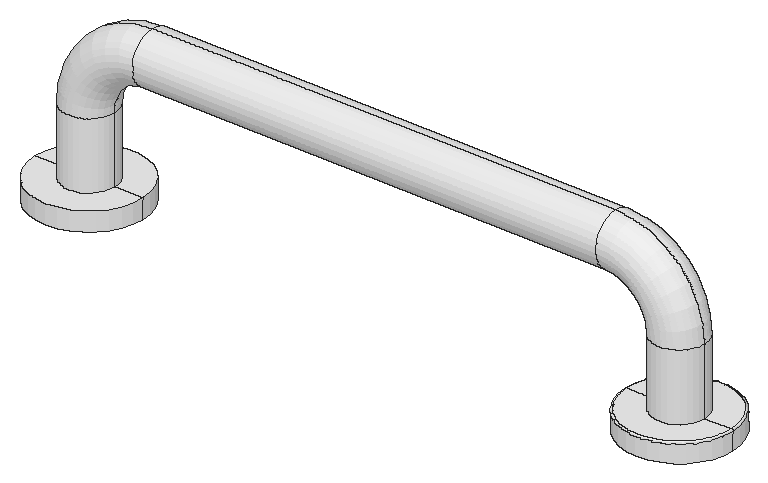
Revit family "Towel_Bar-DXV-Percy-D357033XX_Series", category Specialty Equipment, host Face, Revit 2014
Parameters (values of type "D35703312.100")
  Width = 11 5/8"
  Warranty Documentation Link = "https://www.dxv.com/-/media/files/dxv/warranty/dxv_warranty_booklet.ashx"
  URL = "http://www.dxv.com/"
  Type Comments = ""
  Revised Date = "12/17/2018"  # constant formula
  Product Page URL = "https://www.dxv.com/product/12-inch-grab-bar"
  Product Documentation Link = "https://dxv01.blob.core.windows.net/dxv-product-pdf-files/spec_D357033_DXV_grab_bar_EN.pdf"
  Price = "Prices may vary. Please consult Manufacturer Representative for most up-to-date price list."  # constant formula
  Model = "D35703312.100"
  Material = "Brass-DXV-100-Polished Chrome"
  Manufacturer = "DXV"  # constant formula
  Length = 3 7/16"
  Installation Type = "Surface Mounted"  # constant formula
  Height = 2 1/4"
  Finish = Brass-DXV-100-Polished Chrome
  Description = "12\" Grab Bar"
  Default Elevation = 40"
  Base Radius = Base Dia. / 2  # 1 1/16"
  Base Dia. = 2 1/8"
  Assembly Code = "C1030200"
Types (4): name | Width | Product Page URL | Model | Length | Description | Base Radius | Base Dia.
  (no name) | 11 5/8" | "https://www.dxv.com/product/12-inch-grab-bar" | "D35703312.100" | 3 7/16" | "12\" Grab Bar" | 1 1/16" | 2 1/8"
  D35703312.100 | 11 5/8" | "https://www.dxv.com/product/12-inch-grab-bar" | "D35703312.100" | 3 7/16" | "12\" Grab Bar" | 1 1/16" | 2 1/8"
  D35703318.100 | 17 1/8" | "https://www.dxv.com/product/18-inch-grab-bar" | "D35703318.100" | 3 5/8" | "18\" Grab Bar" | 1 1/8" | 2 1/4"
  D35703324.100 | 23 5/8" | "https://www.dxv.com/product/24-inch-grab-bar-projects-model" | "D35703324.100" | 3 5/8" | "24\" Grab Bar" | 1 1/8" | 2 1/4"
Reference planes (in)
  plane 1 "Center (Front/Back)": y = 0
  plane 2: z = 0
  plane 3 "Center (Left/Right)": x = 0
  plane 4: x = -5.8125
  plane 5: x = 5.8125
  plane 6: z = 2.9375
  plane 7: z = 3.4375
  plane 8: y = 1.125
  plane 9: y = -1.125
Forms (in)
  Revolve 1, solid, material "Brass-DXV-100-Polished Chrome" <- "Finish"
    sketch origin (0, 0, 0) x (1, 0, 0) y (0, 0, 1)
      loop
        line (5.8125, 0) -> (6.875, 0) -> (6.875, 0.34375)
        arc (6.875, 0.34375) -> (6.86585, 0.36585) -> (6.84375, 0.375) r 0.03125
        line (6.84375, 0.375) -> (5.8125, 0.375) -> (5.8125, 0)
      axis (5.8125, 0.375) -> (5.8125, 0)
    angle from 0 to 360
  Revolve 2, solid, material "Brass-DXV-100-Polished Chrome" <- "Finish"
    sketch origin (0, 0, 0) x (-1, 0, 0) y (0, 0, 1)
      loop
        line (5.8125, 0) -> (6.875, 0) -> (6.875, 0.375) -> (5.8125, 0.375) -> (5.8125, 0)
      axis (5.8125, 0) -> (5.8125, 0.375)
    angle from 0 to 360
  Sweep 3, solid, material "Brass-DXV-100-Polished Chrome" <- "Finish"
    path origin (0, 0, 0) x (1, 0, 0) y (0, 0, 1)
      loop
        line (-5.8125, 0) -> (-5.8125, 1.6875)
        arc (-5.8125, 1.6875) -> (-5.44638, 2.57138) -> (-4.5625, 2.9375) r 1.25
        line (-4.5625, 2.9375) -> (4.5625, 2.9375)
        arc (4.5625, 2.9375) -> (5.44638, 2.57138) -> (5.8125, 1.6875) r 1.25
        line (5.8125, 1.6875) -> (5.8125, 0)
    profile origin (0, 0, 2.9375) x (0, 0, 1) y (0, -1, 0)
      loop
        circle (0, 0) r 0.5
Cuts and joins
  joined: Revolve 1, Revolve 2, Sweep 3
Lines and regions (in)
  Masking region 1
    outline origin (0, 0, 0) x (1, 0, 0) y (0, 0, 1)
      loop
        line (4.75, 0) -> (6.875, 0) -> (6.875, 0.375) -> (6.30816, 0.375) -> (6.30816, 1.68504)
        arc (6.30816, 1.68504) -> (5.79487, 2.92422) -> (4.5557, 3.4375) r 1.75246
        line (4.5557, 3.4375) -> (-4.55816, 3.4375)
        arc (-4.55816, 3.4375) -> (-5.79386, 2.92566) -> (-6.3057, 1.68996) r 1.74754
        line (-6.3057, 1.68996) -> (-6.3057, 0.375) -> (-6.875, 0.375) -> (-6.875, 0) -> (-4.75, 0) -> (-4.75, 0.375) -> (-5.3193, 0.375) -> (-5.3193, 1.6875)
        arc (-5.3193, 1.6875) -> (-5.09963, 2.21783) -> (-4.5693, 2.4375) r 0.75
        line (-4.5693, 2.4375) -> (4.56684, 2.4375)
        arc (4.56684, 2.4375) -> (5.09717, 2.21783) -> (5.31684, 1.6875) r 0.75
        line (5.31684, 1.6875) -> (5.31684, 0.375) -> (4.75, 0.375) -> (4.75, 0)
  symbolic lines, detail levels medium+fine
    curve 1: line (6.30816, 0, 0.37139) -> (5.31684, 0, 0.37139)
    curve 2: line (-6.3057, 0, 0.375) -> (-5.3193, 0, 0.375)
Dimensions and locks (in)
  "Width": plane 5 to plane 4
  "Length": host face to plane 7
  "Height": plane 8 to plane 9
  equal spacing: plane 5, plane 3 "Center (Left/Right)", plane 4
  "Base Radius": Revolve 2 sketch curve to Revolve 2 sketch curve
  "Base Radius": Revolve 1 sketch curve to plane 5
  locked: plane 6 to plane 7 at 0.5
  "Base Radius": Masking region 1 sketch curve to plane 5
  equal spacing: Masking region 1 sketch curve, plane 5, Masking region 1 sketch curve  (x2)
  equal spacing: Masking region 1 sketch curve, plane 4, Masking region 1 sketch curve  (x2)
  "Base Radius": Masking region 1 sketch curve to plane 4
  locked: Masking region 1 sketch curve to Masking region 1 sketch curve at 0.9864
  locked: Masking region 1 sketch curve to Masking region 1 sketch curve at 0.99132
  locked: Masking region 1 sketch curve to Masking region 1 sketch curve at 1
  radius of Sweep 3 sketch curve = 1 1/4"  (x2)
  aligned and locked: plane 2 to host face
  aligned and locked: level to host face
  aligned and locked: Revolve 1 sketch curve to plane 5  (x2)
  aligned and locked: Revolve 2 sketch curve to plane 4
  aligned and locked: Revolve 2 sketch curve to host face
  aligned and locked: host face to Revolve 1 sketch curve
  aligned and locked: cut or joined group of Revolve 1, Revolve 2, Sweep 3 to Sweep 3 sketch curve
  aligned and locked: Sweep 3 sketch curve to cut or joined group of Revolve 1, Revolve 2, Sweep 3
  aligned and locked: Masking region 1 sketch curve to Masking region 1 sketch curve  (x3)
  aligned and locked: Masking region 1 sketch curve to cut or joined group of Revolve 1, Revolve 2, Sweep 3
  aligned and locked: plane 7 to Masking region 1 sketch curve
  aligned and locked: cut or joined group of Revolve 1, Revolve 2, Sweep 3 to Masking region 1
  aligned and locked: curve 1 to Masking region 1
  aligned and locked: Masking region 1 to curve 1
  aligned and locked: cut or joined group of Revolve 1, Revolve 2, Sweep 3 to curve 2
  aligned and locked: curve 2 to Masking region 1
  aligned and locked: Masking region 1 to curve 2
Automatic sketch dimensions
  host sketch curve to host sketch curve = 96"  (x2)
  Sweep 3 sketch curve to plane 4 = 0"
  Sweep 3 sketch curve to plane 6 = 0"
  Sweep 3 sketch curve to plane 5 = 0"
  Sweep 3 sketch curve to plane 1 "Center (Front/Back)" = 0"
  profile plane to Sweep 3 sketch curve = 0"
  Revolve 1 sketch curve to Revolve 1 sketch curve = 1/32"
  level to Revolve 1 sketch curve = 11/32"
  plane 7 to Revolve 1 sketch curve = 3/16"
  Revolve 1 sketch curve to plane 7 = 7/16"
  Revolve 2 sketch curve to plane 4 = 0"
  Revolve 2 sketch curve to Revolve 2 sketch curve = 3/8"
  plane 7 to Revolve 2 sketch curve = 7/16"
  Revolve 2 sketch curve to Revolve 2 sketch curve = 1/2"
  Masking region 1 sketch curve to level = 0"  (x2)
  Masking region 1 sketch curve to Masking region 1 sketch curve = 3/4"
  Masking region 1 sketch curve to Masking region 1 sketch curve = 0.01114"  (x2)
  Masking region 1 sketch curve to Masking region 1 sketch curve = 0.76114"
  level to Masking region 1 sketch curve = 3/8"
  level to curve 1 = 0.37139"
  radius of Sweep 3 sketch curve = 1/2"
